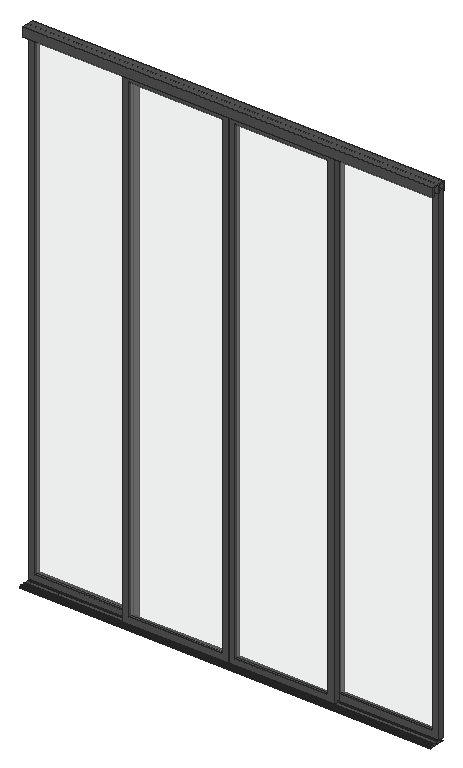
Revit family "Door_FTS RD_The Sliding Door Company_4-Panel Double Track (ABBA-Ramped)", category Doors, host Wall, Revit 2019
Family settings
  Host = Wall
  OmniClass Number = 23.30.10.00
  OmniClass Title = Doors
  Always vertical = Yes
  Cut with Voids When Loaded = No
  Shared = No
  Room Calculation Point = No
Parameters (values of type "FTS Room Divider - 4 Panel 2 Track - ABBA")
  Upper Track Material [instance] = TSDC - Casing/Upper Track - Powder Coated Black
  URL = "https://www.slidingdoorco.com"
  Thickness = 1 1/4"  # constant formula
  Stile and Rail = 1 1/2"
  Rough Width = Finished Opening Width + 5/8" * 2  # 101 1/4"
  Rough Height = Finished Opening Height + 5/8"  # 122 5/8"
  Panel Width 3" Frame = Width / 4 + 1 1/2"  # 26 1/2"
  Panel Width 1 1/2" Frame = Width / 4 + 3/4"  # 25 3/4"
  Panel Height = Height - 2 1/4"  # 119 3/4"
  Opening Clearance 3" Frame = Width - [Panel Width 3" Frame] * 2  # 47"
  Opening Clearance 1 1/2" Frame = Width - [Panel Width 1 1/2" Frame] * 2  # 48 1/2"
  Open [instance] = no
  Model = "FTS Room Divider - Full Height System"  # constant formula
  Manufacturer = "The Sliding Door Company"  # constant formula
  Limitations = "Panel Width x System Height cannot exceed 7,400 square inches"  # constant formula
  Glass Thickness = "Available in: 5mm Tempered, 7mm,10mm,11mm Laminated Glass"  # constant formula
  Glass Material [instance] = TSDC - Glass - Clear
  Function = Interior
  Height = if(Finished Opening Height > 122", 122", Finished Opening Height)  # 122"
  Wall Closure = By host
  Width = if(Finished Opening Width > 202", 202", Finished Opening Width)  # 100"
  Fire Rating = "N/A"  # constant formula
  Finished Opening Width = 100"
  Finished Opening Height = 122"
  Door Casing Material [instance] = TSDC - Casing/Upper Track - Powder Coated Black
  Description = "4 Panel Bi-part System with Double Track (Ramped)"  # constant formula
  Contact The Sliding Door Company = "https://www.slidingdoorco.com/contact"
  Construction Type = "Bi-part, Top Mounted, Ramped Bottom Track"  # constant formula
  Configuration = "ABBA Configuration"  # constant formula
  Closed [instance] = not(Open)  # yes
  Bottom Track Material [instance] = TSDC - Bottom Track - Powder Coated Black
  Analytic Construction = "<None>"
  3" Frame (No Support Dividers) = "Max. H=122 in., Max. W=202 in. (52 in. panel width)"  # constant formula
  1 1/2" Frame (No Support Dividers) = "Max. H=108 in., Max. W=190 in. (50 in. panel width)"  # constant formula
Reference planes (in)
  plane 1 "Center (Front/Back)": y = 0
  plane 2 "Center (Left/Right)": x = 0
  plane 3 "Top": z = 122
  plane 4 "Exterior": y = 6
  plane 5 "Interior": y = -6
  plane 6: x = -50
  plane 7: x = 50
  plane 8: z = 0.625
  plane 9 "2": z = 120.375
  plane 10 "3": z = 121.25
  plane 11 "Top": z = 96
  plane 12 "2": z = 94.375
  plane 13 "3": z = 95.25
  plane 14 "Top": z = 96
  plane 15 "2": z = 94.375
  plane 16 "3": z = 95.25
  plane 17 "Top": z = 80
  plane 18: x = -50
  plane 19: x = 50
  plane 20 "2": z = 78.375
  plane 21 "3": z = 79.25
  plane 22: x = -25
  plane 23: x = 25
  plane 24: x = -36.75
  plane 25: x = -38.25
  plane 26: x = 38.25
  plane 27: x = 36
Forms (in)
  Extrusion 1, solid, material "TSDC - Casing/Upper Track - Powder Coated Black" <- "Upper Track Material"
    sketch origin (0, 1.25781, 0) x (0, 1, 0) y (0, 0, 1)
      loop
        line (4.74219, 122) -> (1.56641, 122) -> (1.56641, 119.875) -> (1.625, 119.875) -> (1.625, 121.94141) -> (3.125, 121.94141) -> (3.125, 119.875) -> (3.18359, 119.875) -> (3.18359, 121.94141) -> (4.68359, 121.94141) -> (4.68359, 119.875) -> (4.74219, 119.875) -> (4.74219, 122)
    from -50 to 50
  Extrusion 2, solid, material "TSDC - Casing/Upper Track - Powder Coated Black", not visible
    sketch origin (0, 0.8784, 0.00198) x (0, 1, 0) y (0, 0, 1)
      loop
        line (1.17662, -0.00198) -> (1.7466, -0.00198) -> (1.7466, 0.11422) -> (1.63872, 0.16601) -> (1.5898, 0.16) -> (1.58595, 0.19134) -> (1.49638, 0.23434) -> (1.44746, 0.22833) -> (1.44362, 0.25967) -> (1.35493, 0.30224) -> (1.30601, 0.29623) -> (1.30216, 0.32757) -> (1.21825, 0.36785)
        arc (1.21825, 0.36785) -> (1.19583, 0.37043) -> (1.17662, 0.35859) r 0.03449
        line (1.17662, 0.35859) -> (1.17662, 0.26961) -> (1.14379, 0.26961) -> (1.14379, 0.30227) -> (1.11271, 0.30227) -> (1.11271, 0.05752) -> (1.14379, 0.05752) -> (1.14379, 0.08934) -> (1.17662, 0.08934) -> (1.17662, -0.00198)
      loop
        line (1.6966, 0.05) -> (1.6966, 0.08276) -> (1.2346, 0.30454) -> (1.2346, 0.05) -> (1.6966, 0.05)
    from -50 to 50
  Extrusion 3, solid, material "TSDC - Casing/Upper Track - Powder Coated Black", not visible
    sketch origin (0, 0.8784, 0.00198) x (0, 1, 0) y (0, 0, 1)
      loop
        arc (1.17662, 0.34104) -> (1.17081, 0.35508) -> (1.15677, 0.36093) r 0.01985
        line (1.15677, 0.36093) -> (1.07541, 0.36093)
        arc (1.07541, 0.36093) -> (1.06136, 0.3551) -> (1.05556, 0.34103) r 0.01985
        line (1.05556, 0.34103) -> (1.05556, 0.20299) -> (0.9831, 0.20299) -> (0.9831, 0.28602)
        arc (0.9831, 0.28602) -> (0.87384, 0.39506) -> (0.76472, 0.28588) r 0.10919
        line (0.76472, 0.28588) -> (0.82428, 0.28588)
        arc (0.82428, 0.28588) -> (0.87397, 0.3355) -> (0.92354, 0.28575) r 0.04963
        line (0.92354, 0.28575) -> (0.92354, 0.14753) -> (1.05556, 0.10767) -> (1.05556, 0.05757) -> (0.38753, 0.05757) -> (0.38753, 0.36093) -> (-0.56932, 0.36093) -> (-0.56932, 0.20299) -> (-0.64178, 0.20299) -> (-0.64178, 0.28602)
        arc (-0.64178, 0.28602) -> (-0.75104, 0.39506) -> (-0.86016, 0.28588) r 0.10919
        line (-0.86016, 0.28588) -> (-0.8006, 0.28588)
        arc (-0.8006, 0.28588) -> (-0.75091, 0.3355) -> (-0.70134, 0.28575) r 0.04963
        line (-0.70134, 0.28575) -> (-0.70134, 0.14753) -> (-0.56932, 0.10767) -> (-0.56932, 0.05757) -> (-1.23735, 0.05757) -> (-1.23735, 0.36093) -> (-2.19421, 0.36093) -> (-2.19421, 0.20299) -> (-2.26667, 0.20299) -> (-2.26667, 0.28602)
        arc (-2.26667, 0.28602) -> (-2.37592, 0.39506) -> (-2.48504, 0.28588) r 0.10919
        line (-2.48504, 0.28588) -> (-2.42548, 0.28588)
        arc (-2.42548, 0.28588) -> (-2.37579, 0.3355) -> (-2.32622, 0.28575) r 0.04963
        line (-2.32622, 0.28575) -> (-2.32622, 0.14753) -> (-2.19421, 0.10767) -> (-2.19421, 0.05757) -> (-2.86223, 0.05757) -> (-2.86223, 0.34103)
        arc (-2.86223, 0.34103) -> (-2.86803, 0.3551) -> (-2.88208, 0.36093) r 0.01985
        line (-2.88208, 0.36093) -> (-2.96344, 0.36093)
        arc (-2.96344, 0.36093) -> (-2.97751, 0.35509) -> (-2.9833, 0.341) r 0.01985
        line (-2.9833, 0.341) -> (-2.9833, 0.26961) -> (-2.95059, 0.26961) -> (-2.95059, 0.30227) -> (-2.91939, 0.30227) -> (-2.91939, 0.05752) -> (-2.95046, 0.05752) -> (-2.95046, 0.08934) -> (-2.9833, 0.08934) -> (-2.9833, -0.00198) -> (-2.13705, -0.00198) -> (-2.10598, 0.05752) -> (-2.13705, 0.05752) -> (-2.13705, 0.30227) -> (-1.29451, 0.30227) -> (-1.29451, 0.05752) -> (-1.32558, 0.05752) -> (-1.29451, -0.00198) -> (-0.51217, -0.00198) -> (-0.4811, 0.05752) -> (-0.51217, 0.05752) -> (-0.51217, 0.30227) -> (0.33038, 0.30227) -> (0.33038, 0.05752) -> (0.2993, 0.05752) -> (0.33038, -0.00198) -> (1.17662, -0.00198) -> (1.17662, 0.08934) -> (1.14379, 0.08934) -> (1.14379, 0.05752) -> (1.11271, 0.05752) -> (1.11271, 0.30227) -> (1.14379, 0.30227) -> (1.14379, 0.26961) -> (1.17662, 0.26961) -> (1.17662, 0.34104)
    from -50 to 50
  Extrusion 4, solid, material "TSDC - Casing/Upper Track - Powder Coated Black", not visible
    sketch origin (0, -0.92827, 0.00198) x (0, -1, 0) y (0, 0, -1)
      loop
        line (1.17662, 0.00198) -> (1.17662, -0.08934) -> (1.14379, -0.08934) -> (1.14379, -0.05752) -> (1.11271, -0.05752) -> (1.11271, -0.30227) -> (1.14379, -0.30227) -> (1.14379, -0.26961) -> (1.17662, -0.26961) -> (1.17662, -0.35859)
        arc (1.17662, -0.35859) -> (1.19583, -0.37043) -> (1.21825, -0.36785) r 0.03449
        line (1.21825, -0.36785) -> (1.30216, -0.32757) -> (1.30601, -0.29623) -> (1.35493, -0.30224) -> (1.44362, -0.25967) -> (1.44746, -0.22833) -> (1.49638, -0.23434) -> (1.58595, -0.19134) -> (1.5898, -0.16) -> (1.63872, -0.16601) -> (1.7466, -0.11422) -> (1.7466, 0.00198) -> (1.17662, 0.00198)
      loop
        line (1.6966, -0.05) -> (1.2346, -0.05) -> (1.2346, -0.30454) -> (1.6966, -0.08276) -> (1.6966, -0.05)
    from -50 to 50
  Extrusion 5, solid, material "TSDC - Casing/Upper Track - Powder Coated Black", not visible
    sketch origin (0, 1.25781, 0) x (0, 1, 0) y (0, 0, 1)
      loop
        line (1.74219, 96) -> (-2.99219, 96) -> (-2.99219, 93.875) -> (-2.93359, 93.875) -> (-2.93359, 95.94141) -> (-1.43359, 95.94141) -> (-1.43359, 93.875) -> (-1.375, 93.875) -> (-1.375, 95.94141) -> (0.125, 95.94141) -> (0.125, 93.875) -> (0.18359, 93.875) -> (0.18359, 95.94141) -> (1.68359, 95.94141) -> (1.68359, 93.875) -> (1.74219, 93.875) -> (1.74219, 96)
    from -50 to 50
  Extrusion 6, solid, material "TSDC - Casing/Upper Track - Powder Coated Black", visible <- "Open", not visible
    sketch origin (-18.0008, 2.81641, 0) x (1, 0, 0) y (0, 0, 1)
      loop
        line (2.33413, 94.375) -> (-31.9992, 94.375) -> (-31.9992, 0.625) -> (2.33413, 0.625) -> (2.33413, 94.375)
      loop
        line (0.83413, 92.875) -> (-30.4992, 92.875) -> (-30.4992, 2.125) -> (0.83413, 2.125) -> (0.83413, 92.875)
    from 0 to 1.25
  Extrusion 7, solid, material "TSDC - Glass - Clear", visible <- "Open", not visible
    sketch origin (-18.0008, 2.31641, 0) x (1, 0, 0) y (0, 0, 1)
      loop
        line (0.83413, 92.875) -> (-30.4992, 92.875) -> (-30.4992, 2.125) -> (0.83413, 2.125) -> (0.83413, 92.875)
    from 0 to 0.25
  Extrusion 8, solid, material "TSDC - Casing/Upper Track - Powder Coated Black", visible <- "Open", not visible
    sketch origin (-44.66746, 1.25781, 0) x (1, 0, 0) y (0, 0, 1)
      loop
        line (29.0008, 94.375) -> (-5.33254, 94.375) -> (-5.33254, 0.625) -> (29.0008, 0.625) -> (29.0008, 94.375)
      loop
        line (27.5008, 92.875) -> (-3.83254, 92.875) -> (-3.83254, 2.125) -> (27.5008, 2.125) -> (27.5008, 92.875)
    from 0 to 1.25
  Extrusion 9, solid, material "TSDC - Glass - Clear", visible <- "Open", not visible
    sketch origin (-44.66746, 0.75781, 0) x (1, 0, 0) y (0, 0, 1)
      loop
        line (27.5008, 92.875) -> (-3.83254, 92.875) -> (-3.83254, 2.125) -> (27.5008, 2.125) -> (27.5008, 92.875)
    from 0 to 0.25
  Extrusion 10, solid, material "TSDC - Casing/Upper Track - Powder Coated Black", visible <- "Open", not visible
    sketch origin (-71.33413, -0.30078, 0) x (1, 0, 0) y (0, 0, 1)
      loop
        line (55.66746, 94.375) -> (21.33413, 94.375) -> (21.33413, 0.625) -> (55.66746, 0.625) -> (55.66746, 94.375)
      loop
        line (54.16746, 92.875) -> (22.83413, 92.875) -> (22.83413, 2.125) -> (54.16746, 2.125) -> (54.16746, 92.875)
    from 0 to 1.25
  Extrusion 11, solid, material "TSDC - Glass - Clear", visible <- "Open", not visible
    sketch origin (-71.33413, -0.80078, 0) x (1, 0, 0) y (0, 0, 1)
      loop
        line (54.16746, 92.875) -> (22.83413, 92.875) -> (22.83413, 2.125) -> (54.16746, 2.125) -> (54.16746, 92.875)
    from 0 to 0.25
  Extrusion 12, solid, material "TSDC - Casing/Upper Track - Powder Coated Black", visible <- "Closed", not visible
    sketch origin (-11.83413, 1.25781, 0) x (1, 0, 0) y (0, 0, 1)
      loop
        line (29.0008, 94.375) -> (-5.33254, 94.375) -> (-5.33254, 0.625) -> (29.0008, 0.625) -> (29.0008, 94.375)
      loop
        line (27.5008, 92.875) -> (-3.83254, 92.875) -> (-3.83254, 2.125) -> (27.5008, 2.125) -> (27.5008, 92.875)
    from 0 to 1.25
  Extrusion 13, solid, material "TSDC - Glass - Clear", visible <- "Closed", not visible
    sketch origin (-11.83413, 0.75781, 0) x (1, 0, 0) y (0, 0, 1)
      loop
        line (27.5008, 92.875) -> (-3.83254, 92.875) -> (-3.83254, 2.125) -> (27.5008, 2.125) -> (27.5008, 92.875)
    from 0 to 0.25
  Extrusion 14, solid, material "TSDC - Casing/Upper Track - Powder Coated Black", visible <- "Closed", not visible
    sketch origin (47.66587, 2.81641, 0) x (1, 0, 0) y (0, 0, 1)
      loop
        line (2.33413, 94.375) -> (-31.9992, 94.375) -> (-31.9992, 0.625) -> (2.33413, 0.625) -> (2.33413, 94.375)
      loop
        line (0.83413, 92.875) -> (-30.4992, 92.875) -> (-30.4992, 2.125) -> (0.83413, 2.125) -> (0.83413, 92.875)
    from 0 to 1.25
  Extrusion 15, solid, material "TSDC - Glass - Clear", visible <- "Closed", not visible
    sketch origin (47.66587, 2.31641, 0) x (1, 0, 0) y (0, 0, 1)
      loop
        line (0.83413, 92.875) -> (-30.4992, 92.875) -> (-30.4992, 2.125) -> (0.83413, 2.125) -> (0.83413, 92.875)
    from 0 to 0.25
  Extrusion 16, solid, material "TSDC - Casing/Upper Track - Powder Coated Black", visible <- "Closed", not visible
    sketch origin (-71.33413, -0.30078, 0) x (1, 0, 0) y (0, 0, 1)
      loop
        line (55.66746, 94.375) -> (21.33413, 94.375) -> (21.33413, 0.625) -> (55.66746, 0.625) -> (55.66746, 94.375)
      loop
        line (54.16746, 92.875) -> (22.83413, 92.875) -> (22.83413, 2.125) -> (54.16746, 2.125) -> (54.16746, 92.875)
    from 0 to 1.25
  Extrusion 17, solid, material "TSDC - Glass - Clear", visible <- "Closed", not visible
    sketch origin (-71.33413, -0.80078, 0) x (1, 0, 0) y (0, 0, 1)
      loop
        line (54.16746, 92.875) -> (22.83413, 92.875) -> (22.83413, 2.125) -> (54.16746, 2.125) -> (54.16746, 92.875)
    from 0 to 0.25
  Extrusion 18, solid, material "TSDC - Casing/Upper Track - Powder Coated Black", not visible
    sketch origin (0, 1.25781, 0) x (0, 1, 0) y (0, 0, 1)
      loop
        line (1.74219, 96) -> (-2.99219, 96) -> (-2.99219, 93.875) -> (-2.93359, 93.875) -> (-2.93359, 95.94141) -> (-1.43359, 95.94141) -> (-1.43359, 93.875) -> (-1.375, 93.875) -> (-1.375, 95.94141) -> (0.125, 95.94141) -> (0.125, 93.875) -> (0.18359, 93.875) -> (0.18359, 95.94141) -> (1.68359, 95.94141) -> (1.68359, 93.875) -> (1.74219, 93.875) -> (1.74219, 96)
    from -50 to 50
  Extrusion 19, solid, material "TSDC - Casing/Upper Track - Powder Coated Black", not visible
    sketch origin (0, 1.25781, 0) x (0, 1, 0) y (0, 0, 1)
      loop
        line (1.74219, 96) -> (-2.99219, 96) -> (-2.99219, 93.875) -> (-2.93359, 93.875) -> (-2.93359, 95.94141) -> (-1.43359, 95.94141) -> (-1.43359, 93.875) -> (-1.375, 93.875) -> (-1.375, 95.94141) -> (0.125, 95.94141) -> (0.125, 93.875) -> (0.18359, 93.875) -> (0.18359, 95.94141) -> (1.68359, 95.94141) -> (1.68359, 93.875) -> (1.74219, 93.875) -> (1.74219, 96)
    from -50 to 50
  Extrusion 20, solid, material "TSDC - Casing/Upper Track - Powder Coated Black", not visible
    sketch origin (0, 1.25781, 0) x (0, 1, 0) y (0, 0, 1)
      loop
        line (1.74219, 96) -> (-2.99219, 96) -> (-2.99219, 93.875) -> (-2.93359, 93.875) -> (-2.93359, 95.94141) -> (-1.43359, 95.94141) -> (-1.43359, 93.875) -> (-1.375, 93.875) -> (-1.375, 95.94141) -> (0.125, 95.94141) -> (0.125, 93.875) -> (0.18359, 93.875) -> (0.18359, 95.94141) -> (1.68359, 95.94141) -> (1.68359, 93.875) -> (1.74219, 93.875) -> (1.74219, 96)
    from -50 to 50
  Extrusion 21, solid, material "TSDC - Casing/Upper Track - Powder Coated Black", not visible
    sketch origin (0, 0.8784, 0.00198) x (0, 1, 0) y (0, 0, 1)
      loop
        line (1.17662, -0.00198) -> (1.7466, -0.00198) -> (1.7466, 0.11422) -> (1.63872, 0.16601) -> (1.5898, 0.16) -> (1.58595, 0.19134) -> (1.49638, 0.23434) -> (1.44746, 0.22833) -> (1.44362, 0.25967) -> (1.35493, 0.30224) -> (1.30601, 0.29623) -> (1.30216, 0.32757) -> (1.21825, 0.36785)
        arc (1.21825, 0.36785) -> (1.19583, 0.37043) -> (1.17662, 0.35859) r 0.03449
        line (1.17662, 0.35859) -> (1.17662, 0.26961) -> (1.14379, 0.26961) -> (1.14379, 0.30227) -> (1.11271, 0.30227) -> (1.11271, 0.05752) -> (1.14379, 0.05752) -> (1.14379, 0.08934) -> (1.17662, 0.08934) -> (1.17662, -0.00198)
      loop
        line (1.6966, 0.05) -> (1.6966, 0.08276) -> (1.2346, 0.30454) -> (1.2346, 0.05) -> (1.6966, 0.05)
    from -50 to 50
  Extrusion 22, solid, material "TSDC - Casing/Upper Track - Powder Coated Black", not visible
    sketch origin (0, 0.8784, 0.00198) x (0, 1, 0) y (0, 0, 1)
      loop
        arc (1.17662, 0.34104) -> (1.17081, 0.35508) -> (1.15677, 0.36093) r 0.01985
        line (1.15677, 0.36093) -> (1.07541, 0.36093)
        arc (1.07541, 0.36093) -> (1.06136, 0.3551) -> (1.05556, 0.34103) r 0.01985
        line (1.05556, 0.34103) -> (1.05556, 0.20299) -> (0.9831, 0.20299) -> (0.9831, 0.28602)
        arc (0.9831, 0.28602) -> (0.87384, 0.39506) -> (0.76472, 0.28588) r 0.10919
        line (0.76472, 0.28588) -> (0.82428, 0.28588)
        arc (0.82428, 0.28588) -> (0.87397, 0.3355) -> (0.92354, 0.28575) r 0.04963
        line (0.92354, 0.28575) -> (0.92354, 0.14753) -> (1.05556, 0.10767) -> (1.05556, 0.05757) -> (0.38753, 0.05757) -> (0.38753, 0.36093) -> (-0.56932, 0.36093) -> (-0.56932, 0.20299) -> (-0.64178, 0.20299) -> (-0.64178, 0.28602)
        arc (-0.64178, 0.28602) -> (-0.75104, 0.39506) -> (-0.86016, 0.28588) r 0.10919
        line (-0.86016, 0.28588) -> (-0.8006, 0.28588)
        arc (-0.8006, 0.28588) -> (-0.75091, 0.3355) -> (-0.70134, 0.28575) r 0.04963
        line (-0.70134, 0.28575) -> (-0.70134, 0.14753) -> (-0.56932, 0.10767) -> (-0.56932, 0.05757) -> (-1.23735, 0.05757) -> (-1.23735, 0.36093) -> (-2.19421, 0.36093) -> (-2.19421, 0.20299) -> (-2.26667, 0.20299) -> (-2.26667, 0.28602)
        arc (-2.26667, 0.28602) -> (-2.37592, 0.39506) -> (-2.48504, 0.28588) r 0.10919
        line (-2.48504, 0.28588) -> (-2.42548, 0.28588)
        arc (-2.42548, 0.28588) -> (-2.37579, 0.3355) -> (-2.32622, 0.28575) r 0.04963
        line (-2.32622, 0.28575) -> (-2.32622, 0.14753) -> (-2.19421, 0.10767) -> (-2.19421, 0.05757) -> (-2.86223, 0.05757) -> (-2.86223, 0.34103)
        arc (-2.86223, 0.34103) -> (-2.86803, 0.3551) -> (-2.88208, 0.36093) r 0.01985
        line (-2.88208, 0.36093) -> (-2.96344, 0.36093)
        arc (-2.96344, 0.36093) -> (-2.97751, 0.35509) -> (-2.9833, 0.341) r 0.01985
        line (-2.9833, 0.341) -> (-2.9833, 0.26961) -> (-2.95059, 0.26961) -> (-2.95059, 0.30227) -> (-2.91939, 0.30227) -> (-2.91939, 0.05752) -> (-2.95046, 0.05752) -> (-2.95046, 0.08934) -> (-2.9833, 0.08934) -> (-2.9833, -0.00198) -> (-2.13705, -0.00198) -> (-2.10598, 0.05752) -> (-2.13705, 0.05752) -> (-2.13705, 0.30227) -> (-1.29451, 0.30227) -> (-1.29451, 0.05752) -> (-1.32558, 0.05752) -> (-1.29451, -0.00198) -> (-0.51217, -0.00198) -> (-0.4811, 0.05752) -> (-0.51217, 0.05752) -> (-0.51217, 0.30227) -> (0.33038, 0.30227) -> (0.33038, 0.05752) -> (0.2993, 0.05752) -> (0.33038, -0.00198) -> (1.17662, -0.00198) -> (1.17662, 0.08934) -> (1.14379, 0.08934) -> (1.14379, 0.05752) -> (1.11271, 0.05752) -> (1.11271, 0.30227) -> (1.14379, 0.30227) -> (1.14379, 0.26961) -> (1.17662, 0.26961) -> (1.17662, 0.34104)
    from -50 to 50
  Extrusion 23, solid, material "TSDC - Casing/Upper Track - Powder Coated Black", not visible
    sketch origin (0, -0.92827, 0.00198) x (0, -1, 0) y (0, 0, -1)
      loop
        line (1.17662, 0.00198) -> (1.17662, -0.08934) -> (1.14379, -0.08934) -> (1.14379, -0.05752) -> (1.11271, -0.05752) -> (1.11271, -0.30227) -> (1.14379, -0.30227) -> (1.14379, -0.26961) -> (1.17662, -0.26961) -> (1.17662, -0.35859)
        arc (1.17662, -0.35859) -> (1.19583, -0.37043) -> (1.21825, -0.36785) r 0.03449
        line (1.21825, -0.36785) -> (1.30216, -0.32757) -> (1.30601, -0.29623) -> (1.35493, -0.30224) -> (1.44362, -0.25967) -> (1.44746, -0.22833) -> (1.49638, -0.23434) -> (1.58595, -0.19134) -> (1.5898, -0.16) -> (1.63872, -0.16601) -> (1.7466, -0.11422) -> (1.7466, 0.00198) -> (1.17662, 0.00198)
      loop
        line (1.6966, -0.05) -> (1.2346, -0.05) -> (1.2346, -0.30454) -> (1.6966, -0.08276) -> (1.6966, -0.05)
    from -50 to 50
  Extrusion 24, solid, material "TSDC - Casing/Upper Track - Powder Coated Black", not visible
    sketch origin (0, 1.25781, -16) x (0, 1, 0) y (0, 0, 1)
      loop
        line (1.74219, 96) -> (-2.99219, 96) -> (-2.99219, 93.875) -> (-2.93359, 93.875) -> (-2.93359, 95.94141) -> (-1.43359, 95.94141) -> (-1.43359, 93.875) -> (-1.375, 93.875) -> (-1.375, 95.94141) -> (0.125, 95.94141) -> (0.125, 93.875) -> (0.18359, 93.875) -> (0.18359, 95.94141) -> (1.68359, 95.94141) -> (1.68359, 93.875) -> (1.74219, 93.875) -> (1.74219, 96)
    from -50 to 50
  Extrusion 25, solid, material "TSDC - Casing/Upper Track - Powder Coated Black" <- "Door Casing Material", visible <- "Closed"
    sketch origin (-47.66587, 1.25781, 0) x (-1, 0, 0) y (0, 0, -1)
      loop
        line (-21.91587, -120.375) -> (-21.91587, -0.625) -> (-47.66587, -0.625) -> (-47.66587, -120.375) -> (-21.91587, -120.375)
      loop
        line (-23.41587, -118.875) -> (-23.41587, -2.125) -> (-46.16587, -2.125) -> (-46.16587, -118.875) -> (-23.41587, -118.875)
    from -3 to -1.75
  Extrusion 26, solid, material "TSDC - Glass - Clear" <- "Glass Material", visible <- "Closed"
    sketch origin (-47.66587, 0.75781, 0) x (-1, 0, 0) y (0, 0, -1)
      loop
        line (-23.41587, -118.875) -> (-23.41587, -2.125) -> (-46.16587, -2.125) -> (-46.16587, -118.875) -> (-23.41587, -118.875)
    from -3 to -2.75
  Extrusion 27, solid, material "TSDC - Casing/Upper Track - Powder Coated Black" <- "Door Casing Material", visible <- "Closed"
    sketch origin (-83.66587, 2.81641, 0) x (-1, 0, 0) y (0, 0, -1)
      loop
        line (-33.66587, -120.375) -> (-33.66587, -0.625) -> (-59.41587, -0.625) -> (-59.41587, -120.375) -> (-33.66587, -120.375)
      loop
        line (-35.16587, -118.875) -> (-35.16587, -2.125) -> (-57.91587, -2.125) -> (-57.91587, -118.875) -> (-35.16587, -118.875)
    from -3 to -1.75
  Extrusion 28, solid, material "TSDC - Glass - Clear" <- "Glass Material", visible <- "Closed"
    sketch origin (-83.66587, 2.31641, 0) x (-1, 0, 0) y (0, 0, -1)
      loop
        line (-35.16587, -118.875) -> (-35.16587, -2.125) -> (-57.91587, -2.125) -> (-57.91587, -118.875) -> (-35.16587, -118.875)
    from -3 to -2.75
  Extrusion 29, solid, material "TSDC - Casing/Upper Track - Powder Coated Black" <- "Door Casing Material", visible <- "Closed"
    sketch origin (47.66587, 1.25781, 0) x (1, 0, 0) y (0, 0, 1)
      loop
        line (-21.91587, 120.375) -> (-47.66587, 120.375) -> (-47.66587, 0.625) -> (-21.91587, 0.625) -> (-21.91587, 120.375)
      loop
        line (-23.41587, 118.875) -> (-46.16587, 118.875) -> (-46.16587, 2.125) -> (-23.41587, 2.125) -> (-23.41587, 118.875)
    from -3 to -1.75
  Extrusion 30, solid, material "TSDC - Glass - Clear" <- "Glass Material", visible <- "Closed"
    sketch origin (47.66587, 0.75781, 0) x (1, 0, 0) y (0, 0, 1)
      loop
        line (-23.41587, 118.875) -> (-46.16587, 118.875) -> (-46.16587, 2.125) -> (-23.41587, 2.125) -> (-23.41587, 118.875)
    from -3 to -2.75
  Extrusion 31, solid, material "TSDC - Casing/Upper Track - Powder Coated Black" <- "Door Casing Material", visible <- "Closed"
    sketch origin (83.66587, 2.81641, 0) x (1, 0, 0) y (0, 0, 1)
      loop
        line (-33.66587, 120.375) -> (-59.41587, 120.375) -> (-59.41587, 0.625) -> (-33.66587, 0.625) -> (-33.66587, 120.375)
      loop
        line (-35.16587, 118.875) -> (-57.91587, 118.875) -> (-57.91587, 2.125) -> (-35.16587, 2.125) -> (-35.16587, 118.875)
    from -3 to -1.75
  Extrusion 32, solid, material "TSDC - Glass - Clear" <- "Glass Material", visible <- "Closed"
    sketch origin (83.66587, 2.31641, 0) x (1, 0, 0) y (0, 0, 1)
      loop
        line (-35.16587, 118.875) -> (-57.91587, 118.875) -> (-57.91587, 2.125) -> (-35.16587, 2.125) -> (-35.16587, 118.875)
    from -3 to -2.75
  Extrusion 33, solid, material "TSDC - Casing/Upper Track - Powder Coated Black" <- "Door Casing Material", visible <- "Open"
    sketch origin (-83.66587, 2.81641, 0) x (-1, 0, 0) y (0, 0, -1)
      loop
        line (-33.66587, -120.375) -> (-33.66587, -0.625) -> (-59.41587, -0.625) -> (-59.41587, -120.375) -> (-33.66587, -120.375)
      loop
        line (-35.16587, -118.875) -> (-35.16587, -2.125) -> (-57.91587, -2.125) -> (-57.91587, -118.875) -> (-35.16587, -118.875)
    from -3 to -1.75
  Extrusion 34, solid, material "TSDC - Glass - Clear" <- "Glass Material", visible <- "Open"
    sketch origin (-83.66587, 2.31641, 0) x (-1, 0, 0) y (0, 0, -1)
      loop
        line (-35.16587, -118.875) -> (-35.16587, -2.125) -> (-57.91587, -2.125) -> (-57.91587, -118.875) -> (-35.16587, -118.875)
    from -3 to -2.75
  Extrusion 35, solid, material "TSDC - Casing/Upper Track - Powder Coated Black" <- "Door Casing Material", visible <- "Open"
    sketch origin (-83.66587, 1.25781, 0) x (-1, 0, 0) y (0, 0, -1)
      loop
        line (-33.66587, -120.375) -> (-33.66587, -0.625) -> (-59.41587, -0.625) -> (-59.41587, -120.375) -> (-33.66587, -120.375)
      loop
        line (-35.16587, -118.875) -> (-35.16587, -2.125) -> (-57.91587, -2.125) -> (-57.91587, -118.875) -> (-35.16587, -118.875)
    from -3 to -1.75
  Extrusion 36, solid, material "TSDC - Glass - Clear" <- "Glass Material", visible <- "Open"
    sketch origin (-83.66587, 0.75781, 0) x (-1, 0, 0) y (0, 0, -1)
      loop
        line (-35.16587, -118.875) -> (-35.16587, -2.125) -> (-57.91587, -2.125) -> (-57.91587, -118.875) -> (-35.16587, -118.875)
    from -3 to -2.75
  Extrusion 37, solid, material "TSDC - Casing/Upper Track - Powder Coated Black" <- "Door Casing Material", visible <- "Open"
    sketch origin (83.66587, 1.25781, 0) x (1, 0, 0) y (0, 0, 1)
      loop
        line (-33.66587, 120.375) -> (-59.41587, 120.375) -> (-59.41587, 0.625) -> (-33.66587, 0.625) -> (-33.66587, 120.375)
      loop
        line (-35.16587, 118.875) -> (-57.91587, 118.875) -> (-57.91587, 2.125) -> (-35.16587, 2.125) -> (-35.16587, 118.875)
    from -3 to -1.75
  Extrusion 38, solid, material "TSDC - Glass - Clear" <- "Glass Material", visible <- "Open"
    sketch origin (83.66587, 0.75781, 0) x (1, 0, 0) y (0, 0, 1)
      loop
        line (-35.16587, 118.875) -> (-57.91587, 118.875) -> (-57.91587, 2.125) -> (-35.16587, 2.125) -> (-35.16587, 118.875)
    from -3 to -2.75
  Extrusion 39, solid, material "TSDC - Casing/Upper Track - Powder Coated Black" <- "Door Casing Material", visible <- "Open"
    sketch origin (83.66587, 2.81641, 0) x (1, 0, 0) y (0, 0, 1)
      loop
        line (-33.66587, 120.375) -> (-59.41587, 120.375) -> (-59.41587, 0.625) -> (-33.66587, 0.625) -> (-33.66587, 120.375)
      loop
        line (-35.16587, 117.375) -> (-57.91587, 117.375) -> (-57.91587, 3.625) -> (-35.16587, 3.625) -> (-35.16587, 117.375)
    from -3 to -1.75
  Extrusion 40, solid, material "TSDC - Glass - Clear" <- "Glass Material", visible <- "Open"
    sketch origin (83.66587, 2.31641, 0) x (1, 0, 0) y (0, 0, 1)
      loop
        line (-35.16587, 117.375) -> (-57.91587, 117.375) -> (-57.91587, 3.625) -> (-35.16587, 3.625) -> (-35.16587, 117.375)
    from -3 to -2.75
  Extrusion 41, solid, material "TSDC - Bottom Track - Powder Coated Black" <- "Bottom Track Material"
    sketch origin (0, 3.8784, 0.00198) x (0, 1, 0) y (0, 0, 1)
      loop
        line (1.17662, 0.26961) -> (1.17662, 0.34104)
        arc (1.17662, 0.34104) -> (1.17081, 0.35508) -> (1.15677, 0.36089) r 0.01985
        line (1.15677, 0.36089) -> (1.07541, 0.36093)
        arc (1.07541, 0.36093) -> (1.06136, 0.3551) -> (1.05556, 0.34103) r 0.01985
        line (1.05556, 0.34103) -> (1.05556, 0.20299) -> (0.9831, 0.20299) -> (0.9831, 0.28602)
        arc (0.9831, 0.28602) -> (0.87384, 0.39506) -> (0.76472, 0.28588) r 0.10919
        line (0.76472, 0.28588) -> (0.82428, 0.28588)
        arc (0.82428, 0.28588) -> (0.87397, 0.3355) -> (0.92354, 0.28575) r 0.04963
        line (0.92354, 0.28575) -> (0.92354, 0.14753) -> (1.05556, 0.10767) -> (1.05556, 0.05757) -> (0.38753, 0.05757) -> (0.38753, 0.36093) -> (-0.56932, 0.36093) -> (-0.56932, 0.20299) -> (-0.64178, 0.20299) -> (-0.64178, 0.28602)
        arc (-0.64178, 0.28602) -> (-0.75104, 0.39506) -> (-0.86016, 0.28588) r 0.10919
        line (-0.86016, 0.28588) -> (-0.8006, 0.28588)
        arc (-0.8006, 0.28588) -> (-0.75091, 0.3355) -> (-0.70134, 0.28575) r 0.04963
        line (-0.70134, 0.28575) -> (-0.70134, 0.14753) -> (-0.56932, 0.10767) -> (-0.56932, 0.05757) -> (-1.23735, 0.05757) -> (-1.23735, 0.34103)
        arc (-1.23735, 0.34103) -> (-1.24315, 0.3551) -> (-1.2572, 0.36093) r 0.01985
        line (-1.2572, 0.36093) -> (-1.33856, 0.36093)
        arc (-1.33856, 0.36093) -> (-1.35263, 0.35509) -> (-1.35841, 0.341) r 0.01985
        line (-1.35841, 0.341) -> (-1.35841, 0.26961) -> (-1.32571, 0.26961) -> (-1.32571, 0.30227) -> (-1.29451, 0.30227) -> (-1.29451, 0.05752) -> (-1.32558, 0.05752) -> (-1.32558, 0.08934) -> (-1.35841, 0.08934) -> (-1.35841, -0.00198) -> (-0.51217, -0.00198) -> (-0.4811, 0.05752) -> (-0.51217, 0.05752) -> (-0.51217, 0.30227) -> (0.33038, 0.30227) -> (0.33038, 0.05752) -> (0.2993, 0.05752) -> (0.33038, -0.00198) -> (1.17662, -0.00198) -> (1.17662, 0.08934) -> (1.14379, 0.08934) -> (1.14379, 0.05752) -> (1.11271, 0.05752) -> (1.11271, 0.30227) -> (1.14379, 0.30227) -> (1.14379, 0.26961) -> (1.17662, 0.26961)
    from -50 to 50
  Extrusion 42, solid, material "TSDC - Bottom Track - Powder Coated Black" <- "Bottom Track Material"
    sketch origin (0, 0.69661, 0.00198) x (0, -1, 0) y (0, 0, -1)
      loop
        line (-1.88729, -0.05752) -> (-1.88729, -0.30227) -> (-1.85621, -0.30227) -> (-1.85621, -0.26961) -> (-1.82338, -0.26961) -> (-1.82338, -0.35859)
        arc (-1.82338, -0.35859) -> (-1.80417, -0.37043) -> (-1.78175, -0.36785) r 0.03449
        line (-1.78175, -0.36785) -> (-1.69784, -0.32757) -> (-1.69399, -0.29623) -> (-1.64507, -0.30224) -> (-1.55638, -0.25967) -> (-1.55254, -0.22833) -> (-1.50362, -0.23434) -> (-1.41405, -0.19134) -> (-1.4102, -0.16) -> (-1.36128, -0.16601) -> (-1.2534, -0.11422) -> (-1.2534, 0.00198) -> (-1.82338, 0.00198) -> (-1.82338, -0.08934) -> (-1.85621, -0.08934) -> (-1.85621, -0.05752) -> (-1.88729, -0.05752)
      loop
        line (-1.7654, -0.30454) -> (-1.3034, -0.08276) -> (-1.3034, -0.05) -> (-1.7654, -0.05) -> (-1.7654, -0.30454)
    from -50 to 50
  Extrusion 43, solid, material "TSDC - Bottom Track - Powder Coated Black" <- "Bottom Track Material"
    sketch origin (0, 0.8784, 0.00198) x (0, 1, 0) y (0, 0, 1)
      loop
        line (4.11271, 0.05752) -> (4.14379, 0.05752) -> (4.14379, 0.08934) -> (4.17662, 0.08934) -> (4.17662, -0.00198) -> (4.7466, -0.00198) -> (4.7466, 0.11422) -> (4.63872, 0.16601) -> (4.5898, 0.16) -> (4.58595, 0.19134) -> (4.49638, 0.23434) -> (4.44746, 0.22833) -> (4.44362, 0.25967) -> (4.35493, 0.30224) -> (4.30601, 0.29623) -> (4.30216, 0.32757) -> (4.21825, 0.36785)
        arc (4.21825, 0.36785) -> (4.19583, 0.37043) -> (4.17662, 0.35859) r 0.03449
        line (4.17662, 0.35859) -> (4.17662, 0.26961) -> (4.14379, 0.26961) -> (4.14379, 0.30227) -> (4.11271, 0.30227) -> (4.11271, 0.05752)
      loop
        line (4.2346, 0.30454) -> (4.2346, 0.05) -> (4.6966, 0.05) -> (4.6966, 0.08276) -> (4.2346, 0.30454)
    from -50 to 50
Lines and regions (in)
  Opening 1
    outline origin (-60, -6, 0) x (1, 0, 0) y (0, 0, 1)
      loop
        line (110, 122) -> (10, 122) -> (10, 0) -> (110, 0) -> (110, 122)
Text (in)
  text "Exterior" at (-165.54235, 27.31104, 0), in view "Ref. Level"
  text "Interior" at (-165.54235, -25.14366, 0), in view "Ref. Level"
  text "Exterior" at (0, 40.15149, 123.01588), in view "Right"
  text "Interior" at (0, -64.39139, 123.01588), in view "Right"
  text "Interior" at (0, -31.01599, 123.00693), in view "Left"
  text "Exterior" at (0, 54.57065, 123.00693), in view "Left"
Dimensions and locks (in)
  locked: plane 9 "2" to plane 3 "Top" at 1.625
  locked: plane 10 "3" to plane 3 "Top" at 0.75
  "Height": level to plane 3 "Top"
  "Width": plane 6 to plane 7
  "Stile and Rail": Extrusion 25 to Extrusion 25  (x5)
  plane 4 "Exterior" to Extrusion 1 to Extrusion 1 to Extrusion 1 to Extrusion 1 to Extrusion 1 = 15/256" locked, 1 1/2" locked, 15/256" locked, 1 1/2" locked, 15/256" locked
  equal spacing: plane 6, plane 22, plane 2 "Center (Left/Right)", plane 23, plane 7
  "Stile and Rail": Extrusion 27 to Extrusion 27  (x4)
  equal spacing: Extrusion 27, plane 22, Extrusion 27
  equal spacing: Extrusion 25, plane 22, Extrusion 25
  plane 6 to Extrusion 27 = 25 3/4"
  Extrusion 25 to Extrusion 25 = 25 3/4"
  "Stile and Rail": Extrusion 29 to Extrusion 29  (x5)
  "Stile and Rail": Extrusion 31 to Extrusion 31  (x4)
  plane 2 "Center (Left/Right)" to Extrusion 29 = 25 3/4"
  Extrusion 31 to Extrusion 31 = 25 3/4"
  equal spacing: Extrusion 31, plane 23, Extrusion 31
  equal spacing: Extrusion 29, plane 23, Extrusion 29
  Extrusion 25 to Extrusion 25 to plane 4 "Exterior" = 1 1/4" locked, 1 95/128" locked
  Extrusion 26 to Extrusion 26 to plane 4 "Exterior" = 1/4" locked, 2 31/128" locked
  Extrusion 29 to Extrusion 29 to plane 4 "Exterior" = 1 1/4" locked, 1 95/128" locked
  Extrusion 30 to Extrusion 30 to plane 4 "Exterior" = 1/4" locked, 2 31/128" locked
  Extrusion 27 to Extrusion 27 to plane 4 "Exterior" = 1 1/4" locked, 47/256" locked
  Extrusion 31 to Extrusion 31 to plane 4 "Exterior" = 1 1/4" locked, 47/256" locked
  Extrusion 28 to Extrusion 28 to plane 4 "Exterior" = 1/4" locked, 175/256" locked
  Extrusion 32 to Extrusion 32 to plane 4 "Exterior" = 1/4" locked, 175/256" locked
  "Stile and Rail": Extrusion 33 to Extrusion 33  (x4)
  locked: Extrusion 33 to Extrusion 33 at 1.25
  locked: Extrusion 34 to Extrusion 34 at 0.25
  "Stile and Rail": Extrusion 35 to Extrusion 35  (x4)
  locked: Extrusion 35 to Extrusion 35 at 1.25
  locked: Extrusion 36 to Extrusion 36 at 0.25
  "Stile and Rail": Extrusion 37 to Extrusion 37  (x5)
  locked: Extrusion 37 to Extrusion 37 at 1.25
  locked: Extrusion 38 to Extrusion 38 at 0.25
  locked: Extrusion 39 to Extrusion 39 at 1.25
  locked: Extrusion 40 to Extrusion 40 at 0.25
  "Stile and Rail": Extrusion 39 to Extrusion 39  (x2)
  Extrusion 35 to Extrusion 35 to Extrusion 33 to Extrusion 33 to plane 4 "Exterior" = 1 1/4" locked, 79/256" locked, 1 1/4" locked, 47/256" locked
  Extrusion 36 to Extrusion 36 to Extrusion 34 to Extrusion 34 to plane 4 "Exterior" = 1/4" locked, 1 79/256" locked, 1/4" locked, 175/256" locked
  Extrusion 37 to Extrusion 37 to Extrusion 39 to Extrusion 39 to plane 4 "Exterior" = 1 1/4" locked, 79/256" locked, 1 1/4" locked, 47/256" locked
  Extrusion 38 to Extrusion 38 to Extrusion 40 to Extrusion 40 to plane 4 "Exterior" = 1/4" locked, 1 79/256" locked, 1/4" locked, 175/256" locked
  Extrusion 33 to Extrusion 43 to Extrusion 43 to Extrusion 43 to Extrusion 42 to Extrusion 42 = 49/256" locked, 0.56997" locked, 0.06391" locked, 2.40722" locked, 0.06391" locked
  aligned and locked: plane 4 "Exterior" to host wall
  aligned and locked: host wall to plane 5 "Interior"
  aligned and locked: Extrusion 1 to plane 6
  aligned and locked: plane 7 to Extrusion 1
  aligned and locked: Opening 1 sketch curve to Extrusion 1
  aligned and locked: Extrusion 25 to Extrusion 26  (x4)
  aligned and locked: host wall to Extrusion 1 sketch curve
  aligned and locked: Extrusion 27 to Extrusion 28  (x4)
  aligned and locked: Extrusion 30 to Extrusion 29  (x4)
  aligned and locked: Extrusion 32 to Extrusion 31  (x4)
  aligned and locked: Extrusion 33 to Extrusion 34  (x4)
  aligned and locked: Extrusion 25 to Extrusion 33
  aligned and locked: Extrusion 35 to Extrusion 36  (x4)
  aligned and locked: Extrusion 35 to Extrusion 25
  aligned and locked: Extrusion 38 to Extrusion 37  (x4)
  aligned and locked: Extrusion 37 to Extrusion 29
  aligned and locked: Extrusion 40 to Extrusion 39  (x4)
  aligned and locked: Extrusion 39 to Extrusion 37
  aligned and locked: host wall to Extrusion 41  (x2)
  aligned and locked: Extrusion 41 to plane 6
  aligned and locked: Extrusion 41 sketch curve to Extrusion 43
  aligned and locked: Extrusion 41 sketch curve to Extrusion 42
  aligned and locked: host wall to Extrusion 43  (x2)
  aligned and locked: host wall to Extrusion 42  (x2)
Automatic sketch dimensions
  Extrusion 2 sketch curve to Extrusion 2 sketch curve = 0.03107"  (x2)
  Extrusion 2 sketch curve to Extrusion 2 sketch curve = 0.03284"  (x2)
  Extrusion 2 sketch curve to Extrusion 2 sketch curve = 0.0267"
  Extrusion 2 sketch curve to Extrusion 2 sketch curve = 0.01493"
  Extrusion 2 sketch curve to Extrusion 2 sketch curve = 0.05797"
  Extrusion 2 sketch curve to Extrusion 2 sketch curve = 0.06757"
  Extrusion 2 sketch curve to Extrusion 2 sketch curve = 0.00385"  (x3)
  Extrusion 2 sketch curve to Extrusion 2 sketch curve = 0.04892"  (x3)
  Extrusion 2 sketch curve to Extrusion 2 sketch curve = 0.08869"
  Extrusion 2 sketch curve to Extrusion 2 sketch curve = 0.08957"
  Extrusion 2 sketch curve to Extrusion 2 sketch curve = 0.05788"
  Extrusion 2 sketch curve to Extrusion 2 sketch curve = 0.05"
  Extrusion 2 sketch curve to Extrusion 2 sketch curve = 0.03276"
  Extrusion 2 sketch curve to Extrusion 2 sketch curve = 0.03182"
  Extrusion 2 sketch curve to Extrusion 2 sketch curve = 0.03146"
  Extrusion 2 sketch curve to Extrusion 2 sketch curve = 0.00601"  (x3)
  Extrusion 2 sketch curve to Extrusion 2 sketch curve = 0.09824"
  Extrusion 2 sketch curve to Extrusion 2 sketch curve = 0.03266"
  Extrusion 2 sketch curve to Extrusion 2 sketch curve = 0.06331"
  Extrusion 2 sketch curve to Extrusion 2 sketch curve = 0.03109"
  Extrusion 3 sketch curve to Extrusion 3 sketch curve = 0"  (x25)
  Extrusion 3 sketch curve to Extrusion 3 sketch curve = 0.01985"  (x3)
  Extrusion 3 sketch curve to Extrusion 3 sketch curve = 0.03271"
  Extrusion 3 sketch curve to Extrusion 3 sketch curve = 0.03284"  (x3)
  Extrusion 3 sketch curve to Extrusion 3 sketch curve = 0.03107"  (x9)
  Extrusion 3 sketch curve to Extrusion 3 sketch curve = 0.0373"
  Extrusion 3 sketch curve to Extrusion 3 sketch curve = 0.37719"  (x3)
  Extrusion 3 sketch curve to Extrusion 3 sketch curve = 0.05956"  (x6)
  Extrusion 3 sketch curve to Extrusion 3 sketch curve = 0.04963"  (x6)
  Extrusion 3 sketch curve to Extrusion 3 sketch curve = 0.07246"  (x4)
  Extrusion 3 sketch curve to Extrusion 3 sketch curve = 0.05716"  (x5)
  Extrusion 3 sketch curve to Extrusion 3 sketch curve = 0.7804"  (x2)
  Extrusion 3 sketch curve to Extrusion 3 sketch curve = 0.01299"
  Extrusion 3 sketch curve to Extrusion 3 sketch curve = 0.00005"  (x5)
  Extrusion 3 sketch curve to Extrusion 3 sketch curve = 0.03182"  (x2)
  Extrusion 3 sketch curve to Extrusion 3 sketch curve = 0.0501"  (x3)
  Extrusion 3 sketch curve to Extrusion 3 sketch curve = 0.03986"  (x2)
  Extrusion 3 sketch curve to Extrusion 3 sketch curve = 0.09532"  (x2)
  Extrusion 3 sketch curve to Extrusion 3 sketch curve = 0.05547"  (x2)
  Extrusion 3 sketch curve to Extrusion 3 sketch curve = 0.06662"
  Extrusion 3 sketch curve to Extrusion 3 sketch curve = 0.08276"  (x3)
  Extrusion 3 sketch curve to Extrusion 3 sketch curve = 0.00012"  (x3)
  Extrusion 3 sketch curve to Extrusion 3 sketch curve = 0.03266"  (x2)
  Extrusion 3 sketch curve to Extrusion 3 sketch curve = 0.24475"
  Extrusion 3 sketch curve to Extrusion 3 sketch curve = 0.09928"
  Extrusion 3 sketch curve to Extrusion 3 sketch curve = 0.03873"
  Extrusion 3 sketch curve to Extrusion 3 sketch curve = 0.03876"  (x2)
  Extrusion 3 sketch curve to Extrusion 3 sketch curve = 0.03877"
  Extrusion 3 sketch curve to Extrusion 3 sketch curve = 0.00007"
  Extrusion 3 sketch curve to Extrusion 3 sketch curve = 0.05866"  (x2)
  Extrusion 4 sketch curve to Extrusion 4 sketch curve = 0.03107"  (x2)
  Extrusion 4 sketch curve to Extrusion 4 sketch curve = 0.03284"  (x2)
  Extrusion 4 sketch curve to Extrusion 4 sketch curve = 0.0267"
  Extrusion 4 sketch curve to Extrusion 4 sketch curve = 0.01493"
  Extrusion 4 sketch curve to Extrusion 4 sketch curve = 0.05797"
  Extrusion 4 sketch curve to Extrusion 4 sketch curve = 0.06757"
  Extrusion 4 sketch curve to Extrusion 4 sketch curve = 0.00385"  (x3)
  Extrusion 4 sketch curve to Extrusion 4 sketch curve = 0.04892"  (x3)
  Extrusion 4 sketch curve to Extrusion 4 sketch curve = 0.08869"
  Extrusion 4 sketch curve to Extrusion 4 sketch curve = 0.08957"
  Extrusion 4 sketch curve to Extrusion 4 sketch curve = 0.05788"
  Extrusion 4 sketch curve to Extrusion 4 sketch curve = 0.05"
  Extrusion 4 sketch curve to Extrusion 4 sketch curve = 0.00926"
  Extrusion 4 sketch curve to Extrusion 4 sketch curve = 0.03134"  (x3)
  Extrusion 4 sketch curve to Extrusion 4 sketch curve = 0.03222"
  Extrusion 4 sketch curve to Extrusion 4 sketch curve = 0.05632"
  Extrusion 4 sketch curve to Extrusion 4 sketch curve = 0.03266"
  Extrusion 4 sketch curve to Extrusion 4 sketch curve = 0.06422"
  Extrusion 4 sketch curve to Extrusion 4 sketch curve = 0.03182"
  Extrusion 4 sketch curve to Extrusion 4 sketch curve = 0.03276"
  Extrusion 2 sketch curve to Extrusion 2 sketch curve = 0.05198"
  Extrusion 2 sketch curve to Extrusion 2 sketch curve = 0.05951"
  Extrusion 2 sketch curve to Extrusion 2 sketch curve = 0.07724"
  Extrusion 2 sketch curve to Extrusion 2 sketch curve = 0.03699"
  Extrusion 2 sketch curve to Extrusion 2 sketch curve = 0.18027"
  Extrusion 2 sketch curve to Extrusion 2 sketch curve = 0.00831"
  Extrusion 3 sketch curve to Extrusion 3 sketch curve = 0.05951"  (x6)
  Extrusion 3 sketch curve to Extrusion 3 sketch curve = 0.18027"
  Extrusion 4 sketch curve to Extrusion 4 sketch curve = 0.02303"
  Extrusion 4 sketch curve to Extrusion 4 sketch curve = 0.04257"
  Extrusion 4 sketch curve to Extrusion 4 sketch curve = 0.043"
  Extrusion 4 sketch curve to Extrusion 4 sketch curve = 0.05179"
  Extrusion 4 sketch curve to Extrusion 4 sketch curve = 0.03934"
  Extrusion 4 sketch curve to Extrusion 4 sketch curve = 0.05198"
  Extrusion 5 sketch curve to Extrusion 5 sketch curve = 15/256"  (x5)
  Extrusion 5 sketch curve to Extrusion 5 sketch curve = 0"  (x5)
  Extrusion 5 sketch curve to Extrusion 5 sketch curve = 1 1/2"  (x3)
  Extrusion 5 sketch curve to Extrusion 5 sketch curve = 2 17/256"
  Extrusion 6 sketch curve to Extrusion 6 sketch curve = 1 1/2"  (x4)
  Extrusion 6 sketch curve to Extrusion 6 sketch curve = 31.33333"
  Extrusion 6 sketch curve to Extrusion 6 sketch curve = 90 3/4"
  Extrusion 7 sketch curve to Extrusion 7 sketch curve = 31.33333"
  Extrusion 7 sketch curve to Extrusion 7 sketch curve = 90 3/4"
  Extrusion 8 sketch curve to Extrusion 8 sketch curve = 1 1/2"  (x4)
  Extrusion 8 sketch curve to Extrusion 8 sketch curve = 31.33333"
  Extrusion 8 sketch curve to Extrusion 8 sketch curve = 90 3/4"
  Extrusion 9 sketch curve to Extrusion 9 sketch curve = 31.33333"
  Extrusion 9 sketch curve to Extrusion 9 sketch curve = 90 3/4"
  Extrusion 10 sketch curve to Extrusion 10 sketch curve = 1 1/2"  (x4)
  Extrusion 10 sketch curve to Extrusion 10 sketch curve = 31.33333"
  Extrusion 10 sketch curve to Extrusion 10 sketch curve = 90 3/4"
  Extrusion 11 sketch curve to Extrusion 11 sketch curve = 31.33333"
  Extrusion 11 sketch curve to Extrusion 11 sketch curve = 90 3/4"
  Extrusion 12 sketch curve to Extrusion 12 sketch curve = 1 1/2"  (x4)
  Extrusion 12 sketch curve to Extrusion 12 sketch curve = 31.33333"
  Extrusion 12 sketch curve to Extrusion 12 sketch curve = 90 3/4"
  Extrusion 13 sketch curve to Extrusion 13 sketch curve = 31.33333"
  Extrusion 13 sketch curve to Extrusion 13 sketch curve = 90 3/4"
  Extrusion 14 sketch curve to Extrusion 14 sketch curve = 1 1/2"  (x4)
  Extrusion 14 sketch curve to Extrusion 14 sketch curve = 31.33333"
  Extrusion 14 sketch curve to Extrusion 14 sketch curve = 90 3/4"
  Extrusion 15 sketch curve to Extrusion 15 sketch curve = 31.33333"
  Extrusion 15 sketch curve to Extrusion 15 sketch curve = 90 3/4"
  Extrusion 16 sketch curve to Extrusion 16 sketch curve = 1 1/2"  (x4)
  Extrusion 16 sketch curve to Extrusion 16 sketch curve = 31.33333"
  Extrusion 16 sketch curve to Extrusion 16 sketch curve = 90 3/4"
  Extrusion 17 sketch curve to Extrusion 17 sketch curve = 31.33333"
  Extrusion 17 sketch curve to Extrusion 17 sketch curve = 90 3/4"
  Extrusion 18 sketch curve to Extrusion 18 sketch curve = 15/256"  (x5)
  Extrusion 18 sketch curve to Extrusion 18 sketch curve = 0"  (x5)
  Extrusion 18 sketch curve to Extrusion 18 sketch curve = 1 1/2"  (x3)
  Extrusion 18 sketch curve to Extrusion 18 sketch curve = 2 17/256"
  plane 12 "2" to Extrusion 19 sketch curve = 1/2"  (x4)
  Extrusion 19 sketch curve to Extrusion 19 sketch curve = 15/256"  (x4)
  plane 11 "Top" to Extrusion 19 sketch curve = 15/256"  (x2)
  Extrusion 19 sketch curve to Extrusion 19 sketch curve = 0"
  Extrusion 19 sketch curve to plane 11 "Top" = 0"
  Extrusion 19 sketch curve to Extrusion 19 sketch curve = 1 1/2"  (x3)
  plane 15 "2" to Extrusion 20 sketch curve = 1/2"  (x4)
  Extrusion 20 sketch curve to Extrusion 20 sketch curve = 15/256"  (x4)
  plane 14 "Top" to Extrusion 20 sketch curve = 15/256"  (x2)
  Extrusion 20 sketch curve to Extrusion 20 sketch curve = 0"
  Extrusion 20 sketch curve to plane 14 "Top" = 0"
  Extrusion 20 sketch curve to Extrusion 20 sketch curve = 1 1/2"  (x3)
  Extrusion 21 sketch curve to Extrusion 21 sketch curve = 0.03107"  (x2)
  Extrusion 21 sketch curve to Extrusion 21 sketch curve = 0.03284"  (x2)
  Extrusion 21 sketch curve to Extrusion 21 sketch curve = 0.0267"
  Extrusion 21 sketch curve to Extrusion 21 sketch curve = 0.01493"
  Extrusion 21 sketch curve to Extrusion 21 sketch curve = 0.05797"
  Extrusion 21 sketch curve to Extrusion 21 sketch curve = 0.06757"
  Extrusion 21 sketch curve to Extrusion 21 sketch curve = 0.00385"  (x3)
  Extrusion 21 sketch curve to Extrusion 21 sketch curve = 0.04892"  (x3)
  Extrusion 21 sketch curve to Extrusion 21 sketch curve = 0.08869"
  Extrusion 21 sketch curve to Extrusion 21 sketch curve = 0.08957"
  Extrusion 21 sketch curve to Extrusion 21 sketch curve = 0.05788"
  Extrusion 21 sketch curve to Extrusion 21 sketch curve = 0.05"
  Extrusion 21 sketch curve to Extrusion 21 sketch curve = 0.03276"
  Extrusion 21 sketch curve to Extrusion 21 sketch curve = 0.03182"
  Extrusion 21 sketch curve to Extrusion 21 sketch curve = 0.03146"
  Extrusion 21 sketch curve to Extrusion 21 sketch curve = 0.00601"  (x3)
  Extrusion 21 sketch curve to Extrusion 21 sketch curve = 0.09824"
  Extrusion 21 sketch curve to Extrusion 21 sketch curve = 0.03266"
  Extrusion 21 sketch curve to Extrusion 21 sketch curve = 0.06331"
  Extrusion 21 sketch curve to Extrusion 21 sketch curve = 0.03109"
  Extrusion 22 sketch curve to Extrusion 22 sketch curve = 0"  (x25)
  Extrusion 22 sketch curve to Extrusion 22 sketch curve = 0.01985"  (x3)
  Extrusion 22 sketch curve to Extrusion 22 sketch curve = 0.03271"
  Extrusion 22 sketch curve to Extrusion 22 sketch curve = 0.03284"  (x3)
  Extrusion 22 sketch curve to Extrusion 22 sketch curve = 0.03107"  (x9)
  Extrusion 22 sketch curve to Extrusion 22 sketch curve = 0.0373"
  Extrusion 22 sketch curve to Extrusion 22 sketch curve = 0.37719"  (x3)
  Extrusion 22 sketch curve to Extrusion 22 sketch curve = 0.05956"  (x6)
  Extrusion 22 sketch curve to Extrusion 22 sketch curve = 0.04963"  (x6)
  Extrusion 22 sketch curve to Extrusion 22 sketch curve = 0.07246"  (x4)
  Extrusion 22 sketch curve to Extrusion 22 sketch curve = 0.05716"  (x5)
  Extrusion 22 sketch curve to Extrusion 22 sketch curve = 0.7804"  (x2)
  Extrusion 22 sketch curve to Extrusion 22 sketch curve = 0.01299"
  Extrusion 22 sketch curve to Extrusion 22 sketch curve = 0.00005"  (x5)
  Extrusion 22 sketch curve to Extrusion 22 sketch curve = 0.03182"  (x2)
  Extrusion 22 sketch curve to Extrusion 22 sketch curve = 0.0501"  (x3)
  Extrusion 22 sketch curve to Extrusion 22 sketch curve = 0.03986"  (x2)
  Extrusion 22 sketch curve to Extrusion 22 sketch curve = 0.09532"  (x2)
  Extrusion 22 sketch curve to Extrusion 22 sketch curve = 0.05547"  (x2)
  Extrusion 22 sketch curve to Extrusion 22 sketch curve = 0.06662"
  Extrusion 22 sketch curve to Extrusion 22 sketch curve = 0.08276"  (x3)
  Extrusion 22 sketch curve to Extrusion 22 sketch curve = 0.00012"  (x3)
  Extrusion 22 sketch curve to Extrusion 22 sketch curve = 0.03266"  (x2)
  Extrusion 22 sketch curve to Extrusion 22 sketch curve = 0.24475"
  Extrusion 22 sketch curve to Extrusion 22 sketch curve = 0.09928"
  Extrusion 22 sketch curve to Extrusion 22 sketch curve = 0.03873"
  Extrusion 22 sketch curve to Extrusion 22 sketch curve = 0.03876"  (x2)
  Extrusion 22 sketch curve to Extrusion 22 sketch curve = 0.03877"
  Extrusion 22 sketch curve to Extrusion 22 sketch curve = 0.00007"
  Extrusion 22 sketch curve to Extrusion 22 sketch curve = 0.05866"  (x2)
  Extrusion 23 sketch curve to Extrusion 23 sketch curve = 0.03107"  (x2)
  Extrusion 23 sketch curve to Extrusion 23 sketch curve = 0.03284"  (x2)
  Extrusion 23 sketch curve to Extrusion 23 sketch curve = 0.0267"
  Extrusion 23 sketch curve to Extrusion 23 sketch curve = 0.01493"
  Extrusion 23 sketch curve to Extrusion 23 sketch curve = 0.05797"
  Extrusion 23 sketch curve to Extrusion 23 sketch curve = 0.06757"
  Extrusion 23 sketch curve to Extrusion 23 sketch curve = 0.00385"  (x3)
  Extrusion 23 sketch curve to Extrusion 23 sketch curve = 0.04892"  (x3)
  Extrusion 23 sketch curve to Extrusion 23 sketch curve = 0.08869"
  Extrusion 23 sketch curve to Extrusion 23 sketch curve = 0.08957"
  Extrusion 23 sketch curve to Extrusion 23 sketch curve = 0.05788"
  Extrusion 23 sketch curve to Extrusion 23 sketch curve = 0.05"
  Extrusion 23 sketch curve to Extrusion 23 sketch curve = 0.00926"
  Extrusion 23 sketch curve to Extrusion 23 sketch curve = 0.03134"  (x3)
  Extrusion 23 sketch curve to Extrusion 23 sketch curve = 0.03222"
  Extrusion 23 sketch curve to Extrusion 23 sketch curve = 0.05632"
  Extrusion 23 sketch curve to Extrusion 23 sketch curve = 0.03266"
  Extrusion 23 sketch curve to Extrusion 23 sketch curve = 0.06422"
  Extrusion 23 sketch curve to Extrusion 23 sketch curve = 0.03182"
  Extrusion 23 sketch curve to Extrusion 23 sketch curve = 0.03276"
  Extrusion 21 sketch curve to Extrusion 21 sketch curve = 0.05198"
  Extrusion 21 sketch curve to Extrusion 21 sketch curve = 0.05951"
  Extrusion 21 sketch curve to Extrusion 21 sketch curve = 0.07724"
  Extrusion 21 sketch curve to Extrusion 21 sketch curve = 0.03699"
  Extrusion 21 sketch curve to Extrusion 21 sketch curve = 0.18027"
  Extrusion 21 sketch curve to Extrusion 21 sketch curve = 0.00831"
  Extrusion 22 sketch curve to Extrusion 22 sketch curve = 0.05951"  (x6)
  Extrusion 22 sketch curve to Extrusion 22 sketch curve = 0.18027"
  Extrusion 23 sketch curve to Extrusion 23 sketch curve = 0.02303"
  Extrusion 23 sketch curve to Extrusion 23 sketch curve = 0.04257"
  Extrusion 23 sketch curve to Extrusion 23 sketch curve = 0.043"
  Extrusion 23 sketch curve to Extrusion 23 sketch curve = 0.05179"
  Extrusion 23 sketch curve to Extrusion 23 sketch curve = 0.03934"
  Extrusion 23 sketch curve to Extrusion 23 sketch curve = 0.05198"
  plane 20 "2" to Extrusion 24 sketch curve = 1/2"  (x4)
  Extrusion 24 sketch curve to Extrusion 24 sketch curve = 15/256"  (x4)
  plane 17 "Top" to Extrusion 24 sketch curve = 15/256"  (x2)
  Extrusion 24 sketch curve to Extrusion 24 sketch curve = 0"
  Extrusion 24 sketch curve to plane 17 "Top" = 0"
  Extrusion 24 sketch curve to Extrusion 24 sketch curve = 1 1/2"  (x3)
  plane 3 "Top" to Extrusion 1 sketch curve = 0"
  Extrusion 1 sketch curve to host wall = 15/256"
  plane 3 "Top" to Extrusion 1 sketch curve = 15/256"  (x2)
  Extrusion 1 sketch curve to host wall = 4 113/256"
  Extrusion 1 sketch curve to Extrusion 1 sketch curve = 15/256"  (x2)
  Extrusion 1 sketch curve to host wall = 2 113/128"
  plane 9 "2" to Extrusion 1 sketch curve = 1/2"  (x3)
  Opening 1 sketch curve to plane 3 "Top" = 0"
  Opening 1 sketch curve to plane 6 = 0"
  Opening 1 sketch curve to level = 0"
  Extrusion 25 sketch curve to plane 2 "Center (Left/Right)" = 0"
  Extrusion 25 sketch curve to plane 9 "2" = 0"
  Extrusion 25 sketch curve to plane 8 = 0"
  Extrusion 25 sketch curve to plane 2 "Center (Left/Right)" = 1 1/2"
  plane 22 to Extrusion 25 sketch curve = 3/4"
  Extrusion 25 sketch curve to plane 22 = 3/4"
  plane 9 "2" to Extrusion 25 sketch curve = 1 1/2"
  plane 8 to Extrusion 25 sketch curve = 1 1/2"
  Extrusion 26 sketch curve to plane 2 "Center (Left/Right)" = 1 1/2"
  plane 22 to Extrusion 26 sketch curve = 3/4"
  plane 9 "2" to Extrusion 26 sketch curve = 1 1/2"
  plane 8 to Extrusion 26 sketch curve = 1 1/2"
  Extrusion 27 sketch curve to plane 9 "2" = 0"
  Extrusion 27 sketch curve to plane 8 = 0"
  Extrusion 27 sketch curve to plane 6 = 0"
  plane 6 to Extrusion 27 sketch curve = 1 1/2"
  Extrusion 27 sketch curve to plane 22 = 3/4"
  plane 22 to Extrusion 27 sketch curve = 3/4"
  plane 9 "2" to Extrusion 27 sketch curve = 1 1/2"
  plane 8 to Extrusion 27 sketch curve = 1 1/2"
  Extrusion 28 sketch curve to plane 22 = 3/4"
  plane 6 to Extrusion 28 sketch curve = 1 1/2"
  plane 9 "2" to Extrusion 28 sketch curve = 1 1/2"
  plane 8 to Extrusion 28 sketch curve = 1 1/2"
  Extrusion 29 sketch curve to plane 2 "Center (Left/Right)" = 0"
  Extrusion 29 sketch curve to plane 9 "2" = 0"
  Extrusion 29 sketch curve to plane 8 = 0"
  plane 2 "Center (Left/Right)" to Extrusion 29 sketch curve = 1 1/2"
  Extrusion 29 sketch curve to plane 23 = 3/4"
  plane 23 to Extrusion 29 sketch curve = 3/4"
  plane 8 to Extrusion 29 sketch curve = 1 1/2"
  plane 9 "2" to Extrusion 29 sketch curve = 1 1/2"
  plane 2 "Center (Left/Right)" to Extrusion 30 sketch curve = 1 1/2"
  Extrusion 30 sketch curve to plane 23 = 3/4"
  plane 8 to Extrusion 30 sketch curve = 1 1/2"
  plane 9 "2" to Extrusion 30 sketch curve = 1 1/2"
  Extrusion 31 sketch curve to plane 9 "2" = 0"
  Extrusion 31 sketch curve to plane 8 = 0"
  Extrusion 31 sketch curve to plane 7 = 0"
  Extrusion 31 sketch curve to plane 7 = 1 1/2"
  plane 23 to Extrusion 31 sketch curve = 3/4"
  Extrusion 31 sketch curve to plane 23 = 3/4"
  plane 8 to Extrusion 31 sketch curve = 1 1/2"
  plane 9 "2" to Extrusion 31 sketch curve = 1 1/2"
  plane 23 to Extrusion 32 sketch curve = 3/4"
  Extrusion 32 sketch curve to plane 7 = 1 1/2"
  plane 8 to Extrusion 32 sketch curve = 1 1/2"
  plane 9 "2" to Extrusion 32 sketch curve = 1 1/2"
  Extrusion 33 sketch curve to plane 9 "2" = 0"
  Extrusion 33 sketch curve to plane 8 = 0"
  Extrusion 33 sketch curve to plane 6 = 0"
  plane 6 to Extrusion 33 sketch curve = 1 1/2"
  Extrusion 33 sketch curve to plane 22 = 3/4"
  plane 22 to Extrusion 33 sketch curve = 3/4"
  plane 9 "2" to Extrusion 33 sketch curve = 1 1/2"
  plane 8 to Extrusion 33 sketch curve = 1 1/2"
  Extrusion 34 sketch curve to plane 22 = 3/4"
  plane 6 to Extrusion 34 sketch curve = 1 1/2"
